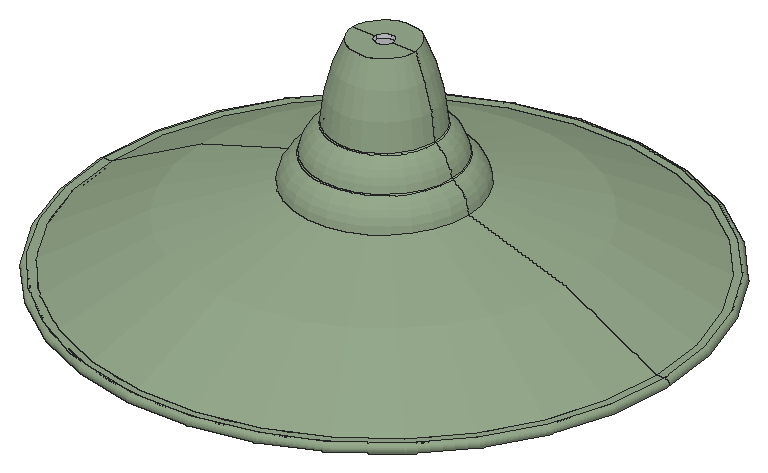
Revit family "BH16 SHADE", category Lighting Fixtures, Revit 2024
Family settings
  Round Connector Dimension = Use Diameter
  Part Type = Normal
  OmniClass Number = 23.80.70.00
  OmniClass Title = Lighting
  Work Plane-Based = No
  Always vertical = Yes
  Cut with Voids When Loaded = No
  Light Source = Yes
  Maintain Annotation Orientation = No
  Shared = No
  Room Calculation Point = No
Parameters
  Wattage = 9.2903 W
  built-in parameter 1150110 = 1 (stored number, unit not read)
  built-in parameter 1114217 = 1 (stored number, unit not read)
  built-in parameter 1150109 = 1 (stored number, unit not read)
  built-in parameter 1150134 = 3
  built-in parameter 1150113 = 1 (stored number, unit not read)
  built-in parameter 1150105 = 439.27 (stored number, unit not read)
  Lumens = 1380 lm
  built-in parameter 1150115 = 1 (stored number, unit not read)
  Light Source Symbol Size = 2' - 0"
  built-in parameter 1150137 = (empty or 0)
  built-in parameter 1150139 = (empty or 0)
  built-in parameter 1150112 = 1 (stored number, unit not read)
  built-in parameter 1150114 = 1 (stored number, unit not read)
  built-in parameter 1150132 = (empty or 0)
  built-in parameter 1150102 = (empty or 0)
  built-in parameter 1150107 = 3200 (stored number, unit not read)
  built-in parameter 1150138 = (empty or 0)
  built-in parameter 1150106 = 4.3927 (stored number, unit not read)
  built-in parameter 1150104 = 13.8 (stored number, unit not read)
  Dimming Lamp Color Temperature Shift = (empty or 0)
  Default Elevation = 0' - 0"
  Color Filter = 16777215
  built-in parameter 1114218 = 1 (stored number, unit not read)
  built-in parameter 1150133 = 10 (stored number, unit not read)
Reference planes (in)
  plane 1 "Light Source Axis (F/B)": y = 0
  plane 2: z = 0
  plane 3 "Light Source Axis (L/R)": x = 0
  plane 4 "Light Source Elevation": z = 54
Forms (in)
  Revolve 1, solid, not visible
    sketch origin (0, 0, 0) x (1, 0, 0) y (0, 0, 1)
      loop
        line (-1.45425, 58.87626) -> (-1.45425, 59.20093)
        arc (-1.45425, 59.20093) -> (-1.51919, 59.26587) -> (-1.58412, 59.20093) r 0.06494
        line (-1.58412, 59.20093) -> (-1.64906, 59.20093)
        arc (-1.64906, 59.20093) -> (-1.71399, 59.136) -> (-1.77893, 59.20093) r 0.06494
        line (-1.77893, 59.20093) -> (-2.28318, 59.20093)
        arc (-2.28318, 59.20093) -> (-2.41111, 59.0605) -> (-2.45743, 58.87626) r 0.38961
        line (-2.45743, 58.87626) -> (-1.45425, 58.87626)
      axis (-1.45425, 58.87626) -> (-2.45743, 58.87626)
    angle from 0 to 360
  Revolve 2, solid, not visible
    sketch origin (0, 0, -4.77789) x (1, 0, 0) y (0, 0, 1)
      loop
        line (-1.45425, 58.87626) -> (-1.45425, 59.20093)
        arc (-1.45425, 59.20093) -> (-1.51919, 59.26587) -> (-1.58412, 59.20093) r 0.06494
        line (-1.58412, 59.20093) -> (-1.64906, 59.20093)
        arc (-1.64906, 59.20093) -> (-1.71399, 59.136) -> (-1.77893, 59.20093) r 0.06494
        line (-1.77893, 59.20093) -> (-2.28318, 59.20093)
        arc (-2.28318, 59.20093) -> (-2.41111, 59.0605) -> (-2.45743, 58.87626) r 0.38961
        line (-2.45743, 58.87626) -> (-1.45425, 58.87626)
      axis (-1.45425, 58.87626) -> (-2.45743, 58.87626)
    angle from 0 to 360
  Sweep 3, solid, not visible
    path origin (0, 0, 0) x (1, 0, 0) y (0, 0, 1)
      loop
        line (-2.03967, 52.74803) -> (-2.03967, 61.85943)
        arc (-2.03967, 61.85943) -> (-4.99444, 64.8142) -> (-7.94921, 61.85943) r 2.95477
        line (-7.94921, 61.85943) -> (-7.94921, 60.07761)
    profile origin (-2.03967, 0, 57.30373) x (-1, 0, 0) y (0, -1, 0)
      loop
        circle (0, 0) r 0.1875
  Revolve 4, solid, not visible
    sketch origin (0, 0, 0) x (1, 0, 0) y (0, 0, 1)
      loop
        spline (-11.5338, 54.25604) -> (-11.53327, 54.62054) -> (-11.51765, 54.94785) -> (-11.49462, 55.20215) -> (-11.4387, 55.52355) -> (-11.34166, 55.86623) -> (-11.21238, 56.18469) -> (-11.05634, 56.4592) -> (-10.86408, 56.70149) -> (-10.63792, 56.91334) -> (-10.38044, 57.08433) -> (-10.00557, 57.22866) -> (-9.53349, 57.29425)
        arc (-9.53349, 57.29425) -> (-9.43019, 57.66173) -> (-9.0618, 57.76174) r 0.38694
        line (-9.0618, 57.76174) -> (-9.0618, 58.75549) -> (-8.98942, 58.82787) -> (-8.98942, 59.74949)
        arc (-8.98942, 59.74949) -> (-8.94621, 59.8538) -> (-8.8419, 59.897) r 0.14752
        line (-8.8419, 59.897) -> (-7.94921, 59.897) -> (-7.94921, 60.07761) -> (-8.2146, 60.07761) -> (-8.2146, 59.99075) -> (-8.8419, 59.99075)
        arc (-8.8419, 59.99075) -> (-9.0125, 59.92009) -> (-9.08317, 59.74949) r 0.24127
        line (-9.08317, 59.74949) -> (-9.08317, 58.83266)
        arc (-9.08317, 58.83266) -> (-9.13283, 58.80671) -> (-9.15555, 58.75549) r 0.085
        line (-9.15555, 58.75549) -> (-9.15555, 57.86758)
        arc (-9.15555, 57.86758) -> (-9.49691, 57.7276) -> (-9.63849, 57.3869) r 0.48069
        spline (-9.63849, 57.3869) -> (-10.117, 57.29295) -> (-10.47221, 57.14022) -> (-10.72912, 56.95719) -> (-10.95531, 56.73627) -> (-11.14643, 56.48532) -> (-11.30177, 56.20185) -> (-11.42964, 55.87717) -> (-11.5243, 55.53356) -> (-11.57801, 55.2147) -> (-11.60029, 54.96192) -> (-11.61586, 54.63792) -> (-11.61658, 54.2789)
        arc (-11.61658, 54.2789) -> (-11.64765, 54.00503) -> (-11.5338, 54.25604) r 0.13952
      axis (-7.94921, 60.07761) -> (-7.94921, 54.25604)
    angle from 0 to 360
  Revolve 5, solid, not visible
    sketch origin (0, 0, 0) x (1, 0, 0) y (0, 0, 1)
      loop
        line (-2.03103, 52.74803) -> (-2.29162, 52.74803) -> (-2.29162, 52.68626) -> (-2.25302, 52.68626)
        arc (-2.25302, 52.68626) -> (-2.20187, 52.63512) -> (-2.25302, 52.58397) r 0.05115
        arc (-2.25302, 52.58397) -> (-2.29162, 52.54536) -> (-2.25302, 52.50676) r 0.0386
        line (-2.25302, 52.50676) -> (-2.03103, 52.50676) -> (-2.03103, 52.74803)
      axis (-2.03103, 52.74803) -> (-2.03103, 52.50676)
    angle from 0 to 360
  Revolve 6, solid
    sketch origin (0, 0, 0) x (1, 0, 0) y (0, 0, 1)
      loop
        arc (-7.87273, 54.25) -> (-7.97669, 54.0556) -> (-7.75728, 54.07707) r 0.125
        arc (-7.75728, 54.07707) -> (-5.13272, 55.4739) -> (-2.28726, 56.33578) r 15.27309
        arc (-2.28726, 56.33578) -> (-2.18757, 56.75329) -> (-1.88256, 57.05534) r 0.78223
        arc (-1.88256, 57.05534) -> (-1.83617, 57.09696) -> (-1.81292, 57.15479) r 0.13748
        arc (-1.81292, 57.15479) -> (-1.66978, 57.52773) -> (-1.38534, 57.80819) r 0.94495
        arc (-1.38534, 57.80819) -> (-1.33977, 57.85571) -> (-1.32141, 57.91893) r 0.13797
        arc (-1.32141, 57.91893) -> (-1.17171, 58.93901) -> (-0.81476, 59.90625) r 4.96983
        line (-0.81476, 59.90625) -> (-0.24773, 59.90625) -> (-0.24773, 60) -> (-0.87273, 60)
        arc (-0.87273, 60) -> (-1.25525, 58.9905) -> (-1.41508, 57.92285) r 5.06358
        arc (-1.41508, 57.92285) -> (-1.42096, 57.90258) -> (-1.43557, 57.88735) r 0.04422
        arc (-1.43557, 57.88735) -> (-1.74823, 57.57906) -> (-1.90557, 57.16913) r 1.0387
        arc (-1.90557, 57.16913) -> (-1.91296, 57.15073) -> (-1.92772, 57.1375) r 0.04373
        arc (-1.92772, 57.1375) -> (-2.24865, 56.83404) -> (-2.38071, 56.41256) r 0.87598
        arc (-2.38071, 56.41256) -> (-5.12402, 55.57884) -> (-7.6647, 54.25) r 15.36684
        line (-7.6647, 54.25) -> (-7.87273, 54.25)
      axis (0, 60) -> (0, 54.07707)
    angle from 0 to 360
Dimensions and locks (in)
  aligned and locked: level to plane 2
